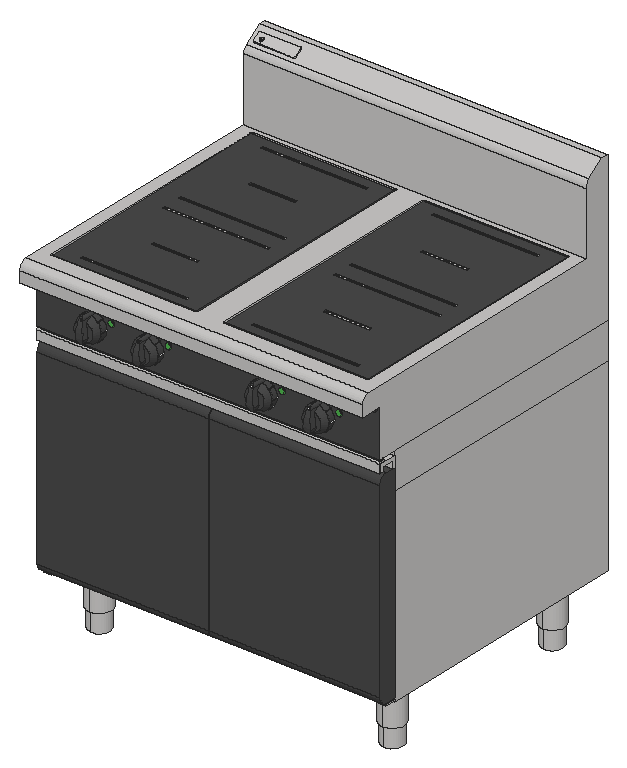
Revit family "QF_Moffat_INB8400R5-CD_Induction_Cooktop_cat", category Specialty Equipment, Revit 2019 (continued)
Definition of nested family "QF_LOGO_Waldorf"
  Lines and regions (mm)
    Split face 1
      outline origin (0, -1.881, 2.589) x (1, 0, 0) y (0, 0.809017, 0.587785)
        loop
          spline (35.637, 16.975) -> (35.523, 16.334) -> (35.41, 15.697) -> (35.296, 15.063) -> (35.182, 14.433) -> (35.068, 13.807) -> (34.954, 13.185) -> (34.84, 12.566) -> (34.726, 11.952) -> (34.612, 11.342) -> (34.497, 10.737) -> (34.383, 10.135) -> (34.269, 9.538)
          spline (34.269, 9.538) -> (34.138, 10.135) -> (34.008, 10.737) -> (33.877, 11.342) -> (33.746, 11.952) -> (33.616, 12.566) -> (33.485, 13.185) -> (33.354, 13.807) -> (33.224, 14.433) -> (33.093, 15.063) -> (32.963, 15.697) -> (32.833, 16.334) -> (32.703, 16.975)
          line (32.703, 16.975) -> (29.247, 16.975)
          spline (29.247, 16.975) -> (29.111, 16.334) -> (28.974, 15.697) -> (28.837, 15.063) -> (28.7, 14.433) -> (28.562, 13.807) -> (28.425, 13.185) -> (28.288, 12.566) -> (28.15, 11.952) -> (28.013, 11.342) -> (27.875, 10.737) -> (27.738, 10.135) -> (27.6, 9.538)
          spline (27.6, 9.538) -> (27.483, 10.135) -> (27.366, 10.737) -> (27.249, 11.342) -> (27.132, 11.952) -> (27.015, 12.566) -> (26.897, 13.185) -> (26.78, 13.807) -> (26.663, 14.433) -> (26.546, 15.063) -> (26.43, 15.697) -> (26.313, 16.334) -> (26.196, 16.975)
          line (26.196, 16.975) -> (22.129, 16.975)
    Split face 2
      outline origin (0, -1.881, 2.589) x (1, 0, 0) y (0, 0.809017, 0.587785)
        loop
          line (51.449, 5.728) -> (51.035, 6.606) -> (51.035, 11.169)
          spline (51.035, 11.169) -> (50.686, 12.42) -> (50.176, 13.224) -> (49.51, 13.708) -> (48.693, 13.995) -> (47.747, 14.152) -> (46.698, 14.207) -> (45.579, 14.186) -> (44.419, 14.114) -> (43.279, 13.929) -> (42.249, 13.481) -> (41.424, 12.614) -> (40.897, 11.169)
          line (40.897, 11.169) -> (44.617, 11.169) -> (44.988, 11.965)
          spline (44.988, 11.965) -> (47.294, 11.682) -> (46.856, 10.932) -> (45.527, 10.609) -> (43.858, 10.439) -> (42.259, 10.123) -> (41.078, 9.417) -> (40.563, 8.246) -> (40.689, 6.989) -> (41.407, 6.052) -> (42.774, 5.536) -> (44.847, 5.497) -> (47.306, 6.602)
          line (47.306, 6.602) -> (47.624, 5.728) -> (51.449, 5.728)
    Split face 3
      outline origin (0, -1.881, 2.589) x (1, 0, 0) y (0, 0.809017, 0.587785)
        loop
          line (47.264, 9.264) -> (44.938, 8.597)
          spline (44.938, 8.597) -> (44.508, 8.228) -> (44.402, 7.9) -> (44.548, 7.626) -> (44.877, 7.42) -> (45.317, 7.295) -> (45.797, 7.265) -> (46.252, 7.342) -> (46.65, 7.525) -> (46.971, 7.813) -> (47.194, 8.201) -> (47.298, 8.685) -> (47.264, 9.264)
    Split face 4
      outline origin (0, -1.881, 2.589) x (1, 0, 0) y (0, 0.809017, 0.587785)
        loop
          line (53.33, 16.975) -> (53.33, 5.728) -> (57.173, 5.728) -> (57.173, 16.975) -> (53.33, 16.975)
    Split face 5
      outline origin (0, -1.881, 2.589) x (1, 0, 0) y (0, 0.809017, 0.587785)
        loop
          line (65.795, 16.975) -> (65.795, 12.976)
          spline (65.795, 12.976) -> (63.839, 14.082) -> (62.087, 14.096) -> (60.633, 13.343) -> (59.574, 12.148) -> (58.99, 10.806) -> (58.867, 9.452) -> (59.156, 8.159) -> (59.81, 7) -> (60.786, 6.056) -> (62.111, 5.514) -> (63.868, 5.634) -> (66.137, 6.679)
          line (66.137, 6.679) -> (66.137, 5.728) -> (69.511, 5.728) -> (69.511, 16.975) -> (65.795, 16.975)
    Split face 6
      outline origin (0, -1.881, 2.589) x (1, 0, 0) y (0, 0.809017, 0.587785)
        loop
          spline (64.273, 7.499) -> (64.754, 7.57) -> (65.202, 7.777) -> (65.587, 8.106) -> (65.882, 8.535) -> (66.067, 9.034) -> (66.131, 9.57) -> (66.067, 10.106) -> (65.882, 10.605) -> (65.587, 11.034) -> (65.202, 11.363) -> (64.754, 11.57) -> (64.273, 11.64)
          spline (64.273, 11.64) -> (63.793, 11.57) -> (63.345, 11.363) -> (62.96, 11.034) -> (62.665, 10.605) -> (62.479, 10.106) -> (62.416, 9.57) -> (62.479, 9.034) -> (62.665, 8.535) -> (62.96, 8.106) -> (63.345, 7.777) -> (63.793, 7.57) -> (64.273, 7.499)
    Split face 7
      outline origin (0, -1.881, 2.589) x (1, 0, 0) y (0, 0.809017, 0.587785)
        loop
          spline (76.449, 5.305) -> (77.855, 5.457) -> (79.166, 5.901) -> (80.291, 6.607) -> (81.155, 7.527) -> (81.698, 8.599) -> (81.883, 9.749) -> (81.698, 10.899) -> (81.155, 11.97) -> (80.291, 12.891) -> (79.166, 13.597) -> (77.855, 14.041) -> (76.449, 14.192)
          spline (76.449, 14.192) -> (75.042, 14.041) -> (73.731, 13.597) -> (72.606, 12.891) -> (71.742, 11.97) -> (71.199, 10.899) -> (71.014, 9.749) -> (71.199, 8.599) -> (71.742, 7.527) -> (72.606, 6.607) -> (73.731, 5.901) -> (75.042, 5.457) -> (76.449, 5.305)
    Split face 8
      outline origin (0, -1.881, 2.589) x (1, 0, 0) y (0, 0.809017, 0.587785)
        loop
          spline (76.449, 7.654) -> (76.841, 7.725) -> (77.206, 7.934) -> (77.52, 8.267) -> (77.76, 8.701) -> (77.912, 9.206) -> (77.963, 9.749) -> (77.912, 10.291) -> (77.76, 10.796) -> (77.52, 11.23) -> (77.206, 11.563) -> (76.841, 11.772) -> (76.449, 11.843)
          spline (76.449, 11.843) -> (76.057, 11.772) -> (75.691, 11.563) -> (75.378, 11.23) -> (75.137, 10.796) -> (74.986, 10.291) -> (74.934, 9.749) -> (74.986, 9.206) -> (75.137, 8.701) -> (75.378, 8.267) -> (75.691, 7.934) -> (76.057, 7.725) -> (76.449, 7.654)
    Split face 9
      outline origin (0, -1.881, 2.589) x (1, 0, 0) y (0, 0.809017, 0.587785)
        loop
          line (86.998, 12.335) -> (86.998, 13.879) -> (83.479, 13.879) -> (83.479, 5.728) -> (87.312, 5.728) -> (87.312, 8.975)
          spline (87.312, 8.975) -> (87.364, 9.356) -> (87.458, 9.686) -> (87.594, 9.968) -> (87.769, 10.204) -> (87.982, 10.398) -> (88.229, 10.55) -> (88.509, 10.666) -> (88.82, 10.746) -> (89.16, 10.794) -> (89.525, 10.812) -> (89.915, 10.803) -> (90.327, 10.77)
          line (90.327, 10.77) -> (90.327, 14.113)
          spline (90.327, 14.113) -> (89.929, 14.127) -> (89.552, 14.111) -> (89.197, 14.066) -> (88.865, 13.991) -> (88.554, 13.887) -> (88.266, 13.754) -> (87.999, 13.591) -> (87.755, 13.399) -> (87.532, 13.177) -> (87.332, 12.926) -> (87.154, 12.645) -> (86.998, 12.335)
    Split face 10
      outline origin (0, -1.881, 2.589) x (1, 0, 0) y (0, 0.809017, 0.587785)
        loop
          line (92.082, 13.879) -> (90.894, 13.879) -> (90.894, 11.972) -> (92.082, 11.972) -> (92.082, 5.728) -> (95.871, 5.728) -> (95.871, 11.972) -> (97.5, 11.972) -> (97.5, 13.879) -> (95.871, 13.879)
          spline (95.871, 13.879) -> (95.843, 14.088) -> (95.845, 14.278) -> (95.877, 14.447) -> (95.939, 14.596) -> (96.03, 14.726) -> (96.151, 14.835) -> (96.301, 14.925) -> (96.482, 14.995) -> (96.692, 15.045) -> (96.931, 15.075) -> (97.201, 15.085) -> (97.5, 15.076)
          line (97.5, 15.076) -> (97.5, 17.266) -> (95.367, 17.266)
          spline (95.367, 17.266) -> (94.982, 17.253) -> (94.58, 17.21) -> (94.174, 17.132) -> (93.774, 17.013) -> (93.39, 16.846) -> (93.034, 16.627) -> (92.717, 16.349) -> (92.448, 16.007) -> (92.24, 15.595) -> (92.102, 15.106) -> (92.046, 14.537) -> (92.082, 13.879)
  Dimensions and locks
    equal spacing: plane 3 "LEFT", plane 7 "Center Y", plane 4 "RIGHT"
    "Length": plane 3 "LEFT" to plane 4 "RIGHT"
    equal spacing: plane 5 "FRONT", plane 8 "Center X", plane 1 "BACK"
    "Depth": plane 5 "FRONT" to plane 1 "BACK"
    "Height": plane 6 "TOP" to level
    plane 4 "RIGHT" to plane 3 "LEFT" = 138 mm
    aligned and locked: level to plane 2
  Automatic sketch dimensions
    Extrusion 1 sketch curve to plane 3 "LEFT" = 0 mm
    plane 3 "LEFT" to Extrusion 1 sketch curve = 4 mm  (x2)
    Extrusion 1 sketch curve to Extrusion 1 sketch curve = 10.75 mm
    Extrusion 1 sketch curve to Extrusion 1 sketch curve = 0.5 mm
    plane 4 "RIGHT" to Extrusion 1 sketch curve = 33 mm
    Extrusion 1 sketch curve to Extrusion 1 sketch curve = 0 mm  (x3)
    Extrusion 1 sketch curve to Extrusion 1 sketch curve = 4 mm
    Extrusion 1 sketch curve to Extrusion 1 sketch curve = 3.464 mm  (x3)
    Extrusion 1 sketch curve to Extrusion 1 sketch curve = 3.541 mm
    Extrusion 1 sketch curve to Extrusion 1 sketch curve = 4.325 mm
    Extrusion 1 sketch curve to Extrusion 1 sketch curve = 19.783 mm
    Extrusion 1 sketch curve to Extrusion 1 sketch curve = 7.592 mm
    plane 3 "LEFT" to Extrusion 2 sketch curve = 15.25 mm
    Extrusion 2 sketch curve to Extrusion 2 sketch curve = 4.325 mm
    plane 3 "LEFT" to Extrusion 3 sketch curve = 14.75 mm
    Extrusion 3 sketch curve to Extrusion 3 sketch curve = 4.325 mm
    Extrusion 1 to Split face 1 sketch curve = 6.879 mm
    Split face 1 sketch curve to Extrusion 1 = 5.728 mm
    Split face 1 sketch curve to Split face 1 sketch curve = 3.132 mm
    Split face 1 sketch curve to Split face 1 sketch curve = 4.068 mm
    Split face 1 sketch curve to Split face 1 sketch curve = 3.051 mm
    Split face 1 sketch curve to Split face 1 sketch curve = 4.203 mm
    Split face 1 sketch curve to Split face 1 sketch curve = 2.916 mm
    Split face 1 sketch curve to Split face 1 sketch curve = 3.456 mm
    Split face 1 sketch curve to Split face 1 sketch curve = 2.934 mm
    Split face 1 sketch curve to Split face 1 sketch curve = 4.131 mm
    Split face 1 sketch curve to Split face 1 sketch curve = 3.96 mm
    Split face 1 sketch curve to Split face 1 sketch curve = 0 mm  (x2)
    Split face 1 sketch curve to Extrusion 1 = 9.736 mm  (x2)
    Extrusion 1 to Split face 1 sketch curve = 6.337 mm
    Extrusion 1 to Split face 1 sketch curve = 6.231 mm
    Extrusion 1 to Split face 1 sketch curve = 3.184 mm
    Extrusion 1 to Split face 1 sketch curve = 13.135 mm
    Split face 1 sketch curve to Split face 1 sketch curve = 4.652 mm
    Split face 1 sketch curve to Split face 1 sketch curve = 3.593 mm
    Split face 1 sketch curve to Split face 1 sketch curve = 1.863 mm
    Split face 1 sketch curve to Split face 1 sketch curve = 0.713 mm
    Split face 1 sketch curve to Split face 1 sketch curve = 2.684 mm
    Split face 1 sketch curve to Split face 1 sketch curve = 3.294 mm
    Split face 1 sketch curve to Split face 1 sketch curve = 0.459 mm
    Split face 1 sketch curve to Split face 1 sketch curve = 2.775 mm
    Split face 1 sketch curve to Split face 1 sketch curve = 1.89 mm
    Split face 1 sketch curve to Split face 1 sketch curve = 0.685 mm
    Split face 1 sketch curve to Split face 1 sketch curve = 9.486 mm
    Split face 1 sketch curve to Split face 1 sketch curve = 16.213 mm
    Split face 1 sketch curve to Split face 1 sketch curve = 3.48 mm
    Split face 1 sketch curve to Split face 1 sketch curve = 4.918 mm
    Split face 1 sketch curve to Split face 1 sketch curve = 7.609 mm
    Split face 1 sketch curve to Split face 1 sketch curve = 0.01 mm  (x2)
    Split face 1 sketch curve to Split face 1 sketch curve = 0.002 mm
    Split face 2 sketch curve to Extrusion 1 = 11.169 mm
    Extrusion 1 to Split face 2 sketch curve = 25.647 mm
    Split face 2 sketch curve to Split face 2 sketch curve = 3.72 mm
    Split face 2 sketch curve to Extrusion 1 = 11.965 mm
    Split face 2 sketch curve to Split face 2 sketch curve = 0.371 mm
    Split face 2 sketch curve to Extrusion 1 = 6.602 mm
    Split face 2 sketch curve to Split face 2 sketch curve = 2.689 mm
    Split face 2 sketch curve to Split face 2 sketch curve = 0.318 mm
    Split face 2 sketch curve to Split face 2 sketch curve = 3.729 mm
    Split face 2 sketch curve to Split face 2 sketch curve = 0.414 mm
    Split face 2 sketch curve to Split face 2 sketch curve = 0.875 mm
    Split face 2 sketch curve to Split face 2 sketch curve = 0.878 mm
    Split face 3 sketch curve to Extrusion 1 = 8.597 mm
    Extrusion 1 to Split face 3 sketch curve = 29.688 mm
    Split face 3 sketch curve to Extrusion 1 = 9.264 mm
    Split face 3 sketch curve to Split face 3 sketch curve = 2.326 mm
    Split face 4 sketch curve to Extrusion 1 = 5.728 mm
    Extrusion 1 to Split face 4 sketch curve = 38.08 mm
    Split face 4 sketch curve to Split face 4 sketch curve = 3.843 mm
    Split face 4 sketch curve to Extrusion 1 = 9.736 mm
    Split face 5 sketch curve to Extrusion 1 = 9.736 mm
    Split face 5 sketch curve to Extrusion 1 = 43.205 mm
    Split face 5 sketch curve to Extrusion 1 = 6.679 mm
    Split face 5 sketch curve to Split face 5 sketch curve = 0.342 mm
    Split face 5 sketch curve to Split face 5 sketch curve = 3.375 mm
    Split face 5 sketch curve to Split face 5 sketch curve = 0.952 mm
    Split face 5 sketch curve to Split face 5 sketch curve = 3.998 mm
    Split face 6 sketch curve to Extrusion 1 = 7.499 mm
    Split face 6 sketch curve to Extrusion 1 = 44.727 mm
    Split face 6 sketch curve to Split face 6 sketch curve = 2.07 mm
    Split face 7 sketch curve to Extrusion 1 = 5.305 mm
    Split face 7 sketch curve to Extrusion 1 = 32.551 mm
    Split face 7 sketch curve to Split face 7 sketch curve = 4.443 mm
    Split face 8 sketch curve to Extrusion 1 = 7.654 mm
    Split face 8 sketch curve to Extrusion 1 = 32.551 mm
    Split face 8 sketch curve to Split face 8 sketch curve = 2.095 mm
    Split face 9 sketch curve to Extrusion 1 = 5.728 mm
    Split face 9 sketch curve to Extrusion 1 = 25.521 mm
    Split face 9 sketch curve to Split face 9 sketch curve = 3.519 mm
    Split face 9 sketch curve to Split face 9 sketch curve = 0.315 mm
    Split face 9 sketch curve to Split face 9 sketch curve = 3.33 mm
    Split face 9 sketch curve to Split face 9 sketch curve = 3.248 mm
    Split face 9 sketch curve to Split face 9 sketch curve = 1.795 mm
    Split face 9 sketch curve to Split face 9 sketch curve = 3.36 mm
    Split face 9 sketch curve to Split face 9 sketch curve = 1.545 mm
    Split face 9 sketch curve to Split face 9 sketch curve = 0.233 mm
    Split face 10 sketch curve to Extrusion 1 = 18.106 mm
    Split face 10 sketch curve to Split face 10 sketch curve = 1.188 mm  (x2)
    Split face 10 sketch curve to Split face 10 sketch curve = 3.285 mm
    Split face 10 sketch curve to Split face 10 sketch curve = 3.789 mm
    Split face 10 sketch curve to Split face 10 sketch curve = 0 mm  (x2)
    Split face 10 sketch curve to Split face 10 sketch curve = 1.629 mm
    Split face 10 sketch curve to Split face 10 sketch curve = 2.133 mm
    Split face 10 sketch curve to Extrusion 1 = 5.728 mm
    Split face 10 sketch curve to Split face 10 sketch curve = 6.245 mm
    Split face 10 sketch curve to Split face 10 sketch curve = 1.907 mm  (x2)
    Split face 10 sketch curve to Split face 10 sketch curve = 1.197 mm
    Split face 10 sketch curve to Split face 10 sketch curve = 2.19 mm
Definition of nested family "Knob"
  Parameters (values of type "Knob")
    Weight in Pounds = 0
    URL Cutsheet = ""
    Specification by User = ""
    Specification by Manufacturer = ""
    Serial Number = ""
    Seismic Rating = ""
    SMACNA No = ""
    Revision Code = ""
    NAFEM Spec ID Number = ""
    Masterspec = ""
    Length = 65 mm
    Item Number = ""
    Installed By = ""
    Identify Quantity as Lot = yes
    Height = 69.5 mm
    Furnished By = ""
    Foodservice Equipment Identifier = yes
    Depth = 59 mm
    CSI MasterFormat = ""
  Reference planes
    plane 1 "BACK": y = 0
    plane 2: z = 0
    plane 3 "LEFT": x = 0
    plane 4 "RIGHT": x = 65
    plane 5 "FRONT": y = -59
    plane 6 "TOP": z = 69.5
    plane 7 "Center Y": x = 32.5
    plane 8 "Center X": y = -29.5
  Forms (mm)
    Revolve 1, solid
      sketch origin (32.5, 175.397, 1219.2) x (0, 1, 0) y (0, 0, 1)
        loop
          line (-175.397, -1186.7) -> (-219.397, -1186.7) -> (-219.397, -1211.501) -> (-202.106, -1219.2) -> (-185.397, -1219.2) -> (-185.397, -1191.7) -> (-175.397, -1191.7) -> (-175.397, -1186.7)
        axis (-219.397, -1186.7) -> (-175.397, -1186.7)
      angle from 0 to 360
    Extrusion 2, solid
      sketch origin (32.5, 175.397, 1219.2) x (0, 1, 0) y (0, 0, 1)
        loop
          line (-202.106, -1154.2) -> (-185.397, -1154.2) -> (-185.397, -1149.7) -> (-224.105, -1149.7)
          arc (-224.105, -1149.7) -> (-233.965, -1178.467) -> (-230.696, -1208.7) r 70
          line (-230.696, -1208.7) -> (-219.397, -1208.7) -> (-219.397, -1161.899) -> (-202.106, -1154.2)
      from -15 to 15
    Extrusion 3, void
      sketch origin (0, 0, 0) x (1, 0, 0) y (0, 0, 1)
        loop
          line (27.501, 64.613) -> (22.02, 20.585)
          arc (22.02, 20.585) -> (32.792, 10.488) -> (42.986, 21.169) r 10.487
          line (42.986, 21.169) -> (37.499, 64.613)
          arc (37.499, 64.613) -> (32.5, 69.5) -> (27.501, 64.613) r 5
        loop
          line (10, 72.977) -> (10, 5.625) -> (55, 5.625) -> (55, 72.977) -> (10, 72.977)
      from 6.142 to 69.687
    Extrusion 4, solid
      sketch origin (0, -34.115, -16.916) x (1, 0, 0) y (0, 0.45399, 0.891007)
        loop
          circle (32.497, 65) r 2
      from 51.525 to 53.075
    Extrusion 5, solid
      sketch origin (32.5, -10, 32.5) x (0, 0, -1) y (-1, 0, 0)
        loop
          line (-23.54, -22.408) -> (-24.106, -22.974)
          arc (-24.106, -22.974) -> (-23.547, -23.547) -> (-22.974, -24.106) r 33.3
          line (-22.974, -24.106) -> (-22.408, -23.54)
          arc (-22.408, -23.54) -> (-22.981, -22.981) -> (-23.54, -22.408) r 32.5
        loop
          arc (-0.8, -33.29) -> (0, -33.3) -> (0.8, -33.29) r 33.3
          line (0.8, -33.29) -> (0.8, -32.49)
          arc (0.8, -32.49) -> (0, -32.5) -> (-0.8, -32.49) r 32.5
          line (-0.8, -32.49) -> (-0.8, -33.29)
        loop
          arc (23.54, -22.408) -> (22.981, -22.981) -> (22.408, -23.54) r 32.5
          line (22.408, -23.54) -> (22.974, -24.106)
          arc (22.974, -24.106) -> (23.547, -23.547) -> (24.106, -22.974) r 33.3
          line (24.106, -22.974) -> (23.54, -22.408)
        loop
          arc (-23.54, 22.408) -> (-22.981, 22.981) -> (-22.408, 23.54) r 32.5
          line (-22.408, 23.54) -> (-22.974, 24.106)
          arc (-22.974, 24.106) -> (-23.547, 23.547) -> (-24.106, 22.974) r 33.3
          line (-24.106, 22.974) -> (-23.54, 22.408)
        loop
          line (-0.8, 33.29) -> (-0.8, 32.49)
          arc (-0.8, 32.49) -> (0, 32.5) -> (0.8, 32.49) r 32.5
          line (0.8, 32.49) -> (0.8, 33.29)
          arc (0.8, 33.29) -> (0, 33.3) -> (-0.8, 33.29) r 33.3
        loop
          line (32.49, -0.8) -> (33.29, -0.8)
          arc (33.29, -0.8) -> (33.3, 0) -> (33.29, 0.8) r 33.3
          line (33.29, 0.8) -> (32.49, 0.8)
          arc (32.49, 0.8) -> (32.5, 0) -> (32.49, -0.8) r 32.5
        loop
          arc (24.106, 22.974) -> (23.547, 23.547) -> (22.974, 24.106) r 33.3
          line (22.974, 24.106) -> (22.408, 23.54)
          arc (22.408, 23.54) -> (22.981, 22.981) -> (23.54, 22.408) r 32.5
          line (23.54, 22.408) -> (24.106, 22.974)
      from 0 to -16.709
  Cuts and joins
    Extrusion 3 cuts Extrusion 2
  Dimensions and locks
    equal spacing: plane 3 "LEFT", plane 7 "Center Y", plane 4 "RIGHT"
    "Length": plane 3 "LEFT" to plane 4 "RIGHT"
    equal spacing: plane 5 "FRONT", plane 8 "Center X", plane 1 "BACK"
    "Depth": plane 5 "FRONT" to plane 1 "BACK"
    "Height": plane 6 "TOP" to level
    plane 4 "RIGHT" to plane 3 "LEFT" = 65 mm
    aligned and locked: level to plane 2
  Automatic sketch dimensions
    Revolve 1 sketch curve to level = 0 mm
    Revolve 1 sketch curve to plane 1 "BACK" = 0 mm  (x2)
    plane 1 "BACK" to Revolve 1 sketch curve = 10 mm
    plane 8 "Center X" to Revolve 1 sketch curve = 2.791 mm
    Revolve 1 sketch curve to plane 8 "Center X" = 14.5 mm
    level to Revolve 1 sketch curve = 7.699 mm
    level to Revolve 1 sketch curve = 27.5 mm
    Revolve 1 sketch curve to Revolve 1 sketch curve = 5 mm
    Revolve 1 sketch curve to Revolve 1 sketch curve = 35 mm
    Revolve 1 sketch curve to Revolve 1 sketch curve = 0 mm
    Extrusion 2 sketch curve to plane 6 "TOP" = 0 mm
    Extrusion 2 sketch curve to plane 5 "FRONT" = 3.702 mm
    Extrusion 2 sketch curve to plane 5 "FRONT" = 10.293 mm
    Extrusion 2 sketch curve to Extrusion 2 sketch curve = 11.298 mm
    plane 8 "Center X" to Extrusion 2 sketch curve = 2.791 mm
    plane 1 "BACK" to Extrusion 2 sketch curve = 10 mm
    Extrusion 2 sketch curve to plane 1 "BACK" = 11 mm
    Extrusion 2 sketch curve to plane 6 "TOP" = 4.5 mm
    Extrusion 2 sketch curve to plane 6 "TOP" = 12.199 mm
    level to Extrusion 2 sketch curve = 32.962 mm
    level to Extrusion 3 sketch curve = 5.625 mm
    Extrusion 3 sketch curve to plane 7 "Center Y" = 0 mm  (x2)
    Extrusion 3 sketch curve to plane 7 "Center Y" = 4.999 mm
    Extrusion 3 sketch curve to plane 7 "Center Y" = 10.48 mm
    plane 6 "TOP" to Extrusion 3 sketch curve = 3.477 mm
    plane 3 "LEFT" to Extrusion 3 sketch curve = 10 mm
    Extrusion 3 sketch curve to plane 6 "TOP" = 4.887 mm
    Extrusion 3 sketch curve to Extrusion 3 sketch curve = 4.999 mm
    plane 7 "Center Y" to Extrusion 3 sketch curve = 10.486 mm
    level to Extrusion 3 sketch curve = 20.585 mm
    Extrusion 3 sketch curve to Extrusion 3 sketch curve = 0.387 mm
    Extrusion 3 sketch curve to Extrusion 3 sketch curve = 0.113 mm
    plane 4 "RIGHT" to Extrusion 3 sketch curve = 10 mm
    Extrusion 5 sketch curve to Revolve 1 = 32.49 mm
    Revolve 1 to Extrusion 5 sketch curve = 32.49 mm
    Extrusion 5 sketch curve to Revolve 1 = 23.54 mm  (x2)
    Revolve 1 to Extrusion 5 sketch curve = 23.54 mm  (x2)
    Extrusion 5 sketch curve to Revolve 1 = 24.106 mm  (x2)
    Revolve 1 to Extrusion 5 sketch curve = 24.106 mm  (x2)
    Revolve 1 to Extrusion 5 sketch curve = 22.408 mm  (x2)
    Extrusion 5 sketch curve to Revolve 1 = 22.408 mm  (x2)
    Revolve 1 to Extrusion 5 sketch curve = 22.974 mm  (x2)
    Extrusion 5 sketch curve to Revolve 1 = 22.974 mm  (x2)
    Extrusion 5 sketch curve to Extrusion 5 sketch curve = 1.6 mm  (x2)
    Revolve 1 to Extrusion 5 sketch curve = 0.8 mm
    Extrusion 5 sketch curve to Revolve 1 = 0.8 mm
    Extrusion 4 sketch curve to plane 7 "Center Y" = 0.003 mm
    radius of Extrusion 5 sketch curve to Revolve 1 = 0 mm  (x7)
    radius of Revolve 1 to Extrusion 5 sketch curve = 0.8 mm  (x7)
    radius of Extrusion 4 sketch curve = 2 mm
Types (2, lengths in mm): name | Volts | Cycle | Apparent Power
  INB8400R5-CD_415/60/3 | 415 V | 60 Hz | 20102.6 VA
  INB8400R5-CD_400/50/3 | 400 V | 50 Hz | 19376 VA
